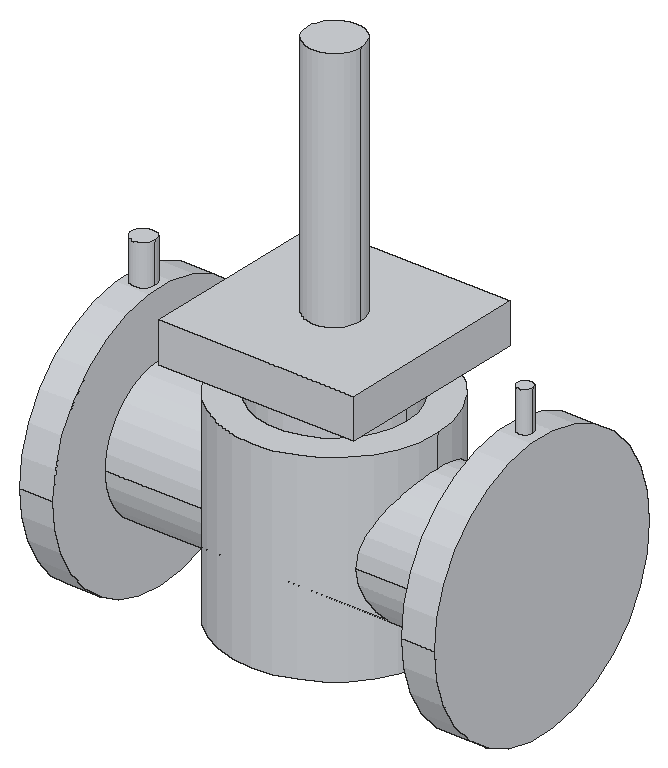
Revit family "OPTIMA_Compact_FLANGE_PN25_DN080-HF_RFA_2018", category Pipe Accessories, Revit 2018
Family settings
  Round Connector Dimension = Use Diameter
  Part Type = Valve - Breaks Into
  Work Plane-Based = No
  Always vertical = Yes
  Cut with Voids When Loaded = No
  Shared = No
Parameters (values of type "Optima Compact Flange PN25 DN080 HF")
  magiProductId = "Frese Optima Flange DN080 HF"
  magiProductFamilyId = "Frese Optima Flange *"
  magiPartTypeId = 304
  isMeasuringValve [instance] = no
  ang2D [instance] = 0.00°
  W2D = 50 mm
  VersionID = "2.0/2018.8.28.1/FRESE_OPTIMA_FLANGE_Q13_002"
  Use Minimum Symbol Size [instance] = yes
  URL = "www.hydronic.cz"
  Type Comments = "Přírubový; PN25; 0~120°C, s měřením"
  R4 = 54.25 mm
  R3 = 52 mm
  R1 = 77.5 mm
  QmdConnectorList = "301;D;302;D"
  Productdata [instance] = ""
  Manufacturer = "Hydronic Systems Prague s.r.o."
  MC Product Code = "53-1232 (DN80 HF; 20mm; pohon min 1000N; Qmin-dpmin 7000l/h-23.0kPa; Qmax-dpmin 43000l/h-50.0kPa; dpmax 800kPa)"
  MC Piping Given Pressure Drop [instance] = 0.0 Pa
  LF__ve = -LF  # -24.8 mm
  LF2 = 12.4 mm
  LF = 24.8 mm
  L4 = 145.7 mm
  L3 = 260.4 mm
  L2D_Min = 3048 mm
  L2D = 230 mm
  L2 = 155 mm
  H6 = 183 mm
  H4 = 30 mm
  H3 = 25 mm
  H2 = 75 mm
  H1 = 150 mm
  Description = "Tlakově nezávislý 2-cestný regulační vyvažovací ventil (PICV)"
  DF2 = 100 mm
  D = 80 mm
  CAT0 = yes
Types (14, lengths in mm): name | magiProductId | magiProductFamilyId | W2D | Type Comments | R4 | R3 | R1 | MC Product Code | LF__ve | LF2 | LF | L4 | L3 | L2D | L2 | H6 | H4 | H3 | H2 | H1 | DF2 | D
  Optima Compact Flange PN25 DN050 LF | "Frese Optima Flange DN050 LF" | "Frese Optima Flange *" | 50 | "Přírubový; PN25; 0~120°C, s měřením" | 40.3 | 42.9 | 57.5 | "53-1220 (DN50 LF; 20mm; pohon min 1000N; Qmin-dpmin 2500l/h-6.5kPa; Qmax-dpmin 15000l/h-20.0kPa; dpmax 800kPa)" | -18.4 | 9.2 | 18.4 | 108.1 | 193.2 | 230 | 115 | 157.3 | 24.8 | 20.6 | 61.9 | 123.8 | 82.5 | 50
  Optima Compact Flange PN25 DN050 HF | "Frese Optima Flange DN050 HF" | "Frese Optima Flange *" | 50 | "Přírubový; PN25; 0~120°C, s měřením" | 40.25 | 42.9 | 57.5 | "53-1230 (DN50 HF; 20mm; pohon min 1000N; Qmin-dpmin 3900l/h-19.0kPa; Qmax-dpmin 24000l/h-50.0kPa; dpmax 800kPa)" | -18.4 | 9.2 | 18.4 | 108.1 | 193.2 | 230 | 115 | 157.25 | 24.75 | 20.625 | 61.875 | 123.75 | 82.5 | 50
  Optima Compact Flange PN25 DN065 LF | "Frese Optima Flange DN065 LF" | "Frese Optima Flange *" | 50 | "Přírubový; PN25; 0~120°C, s měřením" | 50.75 | 48.1 | 72.5 | "53-1221 (DN65 LF; 20mm; pohon min 1000N; Qmin-dpmin 4400l/h-15.0kPa; Qmax-dpmin 25000l/h-25.0kPa; dpmax 800kPa)" | -23.2 | 11.6 | 23.2 | 136.3 | 243.6 | 230 | 145 | 171.25 | 27.75 | 23.125 | 69.375 | 138.75 | 92.5 | 65
  Optima Compact Flange PN25 DN065 HF | "Frese Optima Flange DN065 HF" | "Frese Optima Flange *" | 50 | "Přírubový; PN25; 0~120°C, s měřením" | 50.75 | 48.1 | 72.5 | "53-1231 (DN65 HF; 20mm; pohon min 1000N; Qmin-dpmin 6000l/h-30.0kPa; Qmax-dpmin 35000l/h-55.0kPa; dpmax 800kPa)" | -23.2 | 11.6 | 23.2 | 136.3 | 243.6 | 230 | 145 | 171.25 | 27.75 | 23.125 | 69.375 | 138.75 | 92.5 | 65
  Optima Compact Flange PN25 DN080 LF | "Frese Optima Flange DN080 LF" | "Frese Optima Flange *" | 50 | "Přírubový; PN25; 0~120°C, s měřením" | 54.25 | 52 | 77.5 | "53-1222 (DN80 LF; 20mm; pohon min 1000N; Qmin-dpmin 5300l/h-16.0kPa; Qmax-dpmin 34000l/h-25.0kPa; dpmax 800kPa)" | -24.8 | 12.4 | 24.8 | 145.7 | 260.4 | 230 | 155 | 183 | 30 | 25 | 75 | 150 | 100 | 80
  Optima Compact Flange PN25 DN080 HF | "Frese Optima Flange DN080 HF" | "Frese Optima Flange *" | 50 | "Přírubový; PN25; 0~120°C, s měřením" | 54.25 | 52 | 77.5 | "53-1232 (DN80 HF; 20mm; pohon min 1000N; Qmin-dpmin 7000l/h-23.0kPa; Qmax-dpmin 43000l/h-50.0kPa; dpmax 800kPa)" | -24.8 | 12.4 | 24.8 | 145.7 | 260.4 | 230 | 155 | 183 | 30 | 25 | 75 | 150 | 100 | 80
  Optima Compact Flange PN25 DN100 LF | "Frese Optima Flange DN100 LF" | "Frese Optima Flange *" | 50 | "Přírubový; PN25; 0~120°C, s měřením" | 61.25 | 61.1 | 87.5 | "53-1223 (DN100 LF; 40mm; pohon min 1000N; Qmin-dpmin 12100l/h-20.0kPa; Qmax-dpmin 68000l/h-35.0kPa; dpmax 800kPa)" | -28 | 14 | 28 | 164.5 | 294 | 230 | 175 | 268.75 | 35.25 | 29.375 | 88.125 | 176.25 | 117.5 | 100
  Optima Compact Flange PN25 DN100 HF | "Frese Optima Flange DN100 HF" | "Frese Optima Flange *" | 50 | "Přírubový; PN25; 0~120°C, s měřením" | 61.25 | 61.1 | 87.5 | "53-1233 (DN100 HF; 40mm; pohon min 1000N; Qmin-dpmin 14800l/h-30.0kPa; Qmax-dpmin 90000l/h-75.0kPa; dpmax 800kPa)" | -28 | 14 | 28 | 164.5 | 294 | 230 | 175 | 268.75 | 35.25 | 29.375 | 88.125 | 176.25 | 117.5 | 100
  Optima Compact Flange PN25 DN125 LF | "Frese Optima Flange DN125 LF" | "Frese Optima Flange *" | 50 | "Přírubový; PN25; 0~120°C, s měřením" | 70 | 70.2 | 100 | "53-1224 (DN125 LF; 40mm; pohon min 1000N; Qmin-dpmin 18500l/h-16.0kPa; Qmax-dpmin 110000l/h-35.0kPa; dpmax 800kPa)" | -32 | 16 | 32 | 188 | 336 | 230 | 200 | 275.5 | 40.5 | 33.75 | 101.25 | 202.5 | 135 | 125
  Optima Compact Flange PN25 DN125 HF | "Frese Optima Flange DN125 HF" | "Frese Optima Flange *" | 50 | "Přírubový; PN25; 0~120°C, s měřením" | 70 | 70.2 | 100 | "53-1234 (DN125 HF; 40mm; pohon min 1000N; Qmin-dpmin 23000l/h-27.0kPa; Qmax-dpmin 135000l/h-53.0kPa; dpmax 800kPa)" | -32 | 16 | 32 | 188 | 336 | 230 | 200 | 275.5 | 40.5 | 33.75 | 101.25 | 202.5 | 135 | 125
  Optima Compact Flange PN25 DN150 LF | "Frese Optima Flange DN150 LF" | "Frese Optima Flange *" | 50 | "Přírubový; PN25; 0~110°C, s měřením" | 84 | 74.1 | 120 | "53-1225 (DN150 LF; 43mm; pohon min 1500N; Qmin-dpmin 25600l/h-21.0kPa; Qmax-dpmin 148000l/h-35.0kPa; dpmax 800kPa)" | -38.4 | 19.2 | 38.4 | 225.6 | 403.2 | 230 | 240 | 279.25 | 42.75 | 35.625 | 106.875 | 213.75 | 142.5 | 150
  Optima Compact Flange PN25 DN150 HF | "Frese Optima Flange DN150 HF" | "Frese Optima Flange *" | 50 | "Přírubový; PN25; 0~110°C, s měřením" | 84 | 74.1 | 120 | "53-1235 (DN150 HF; 43mm; pohon min 1500N; Qmin-dpmin 32000l/h-33.0kPa; Qmax-dpmin 195000l/h-65.0kPa; dpmax 800kPa)" | -38.4 | 19.2 | 38.4 | 225.6 | 403.2 | 230 | 240 | 279.25 | 42.75 | 35.625 | 106.875 | 213.75 | 142.5 | 150
  Optima Compact Flange PN25 DN200 LF | "" | "" | 100 | "Přírubový; PN25; 0~110°C, s měřením" | 164.5 | 98.8 | 235 | "53-1226 (DN200 LF; 43mm; pohon min 1500N; Qmin-dpmin 95000l/h-11.0kPa; Qmax-dpmin 210000l/h-32.0kPa; dpmax 800kPa)" | -48 | 24 | 48 | 282 | 504 | 350 | 300 | 281 | 57 | 15 | 209 | 380 | 190 | 200
  Optima Compact Flange PN25 DN200 HF | "" | "" | 100 | "Přírubový; PN25; 0~110°C, s měřením" | 164.5 | 98.8 | 235 | "53-1236 (DN200 HF; 43mm; pohon min 1500N; Qmin-dpmin 130000l/h-31.0kPa; Qmax-dpmin 280000l/h-78.0kPa; dpmax 800kPa)" | -48 | 24 | 48 | 282 | 504 | 350 | 300 | 281 | 57 | 15 | 209 | 380 | 190 | 200
Reference planes
  plane 1 "Center (Front/Back)": y = 0
  plane 2 "XYPLANE": z = 0
  plane 3 "Center (Left/Right)": x = 0
  plane 4 "157": x = 142.6
  plane 5 "156": x = -142.6
  plane 6 "155": z = 100
  plane 7 "154": z = 130
  plane 8 "153": z = 100
  plane 9 "152": z = 75
  plane 10 "151": x = -130.2
  plane 11 "150": z = -75
  plane 12 "149": x = 0
  plane 13 "148": y = 0
  plane 14 "147": z = 0
  plane 15 "146": x = -155
  plane 16 "145": x = 155
Forms (mm)
  Extrusion 1, solid, visible <- "CAT0"
    sketch origin (-750, 0, 100) x (1, 0, 0) y (0, 1, 0)
      loop
        circle (892.6, 0) r 5.5
    from 0 to 30
  Extrusion 2, solid, visible <- "CAT0"
    sketch origin (-750, 0, 100) x (1, 0, 0) y (0, 1, 0)
      loop
        circle (607.4, 0) r 8.7
    from 0 to 30
  Extrusion 3, solid, visible <- "CAT0"
    sketch origin (-750, 0, 130) x (1, 0, 0) y (0, 1, 0)
      loop
        circle (750, 0) r 20
    from 0 to 183 <- "H6"
  Extrusion 4, solid, visible <- "CAT0"
    sketch origin (-750, 0, 100) x (1, 0, 0) y (0, 1, 0)
      loop
        line (822.85, 72.85) -> (677.15, 72.85) -> (677.15, -72.85) -> (822.85, -72.85) -> (822.85, 72.85)
    from 0 to 30 <- "H4"
  Extrusion 5, solid, visible <- "CAT0"
    sketch origin (-750, 0, 75) x (1, 0, 0) y (0, 1, 0)
      loop
        circle (750, 0) r 54.25
    from 0 to 25 <- "H3"
  Extrusion 6, solid, visible <- "CAT0"
    sketch origin (-130.2, -750, 0) x (0, 1, 0) y (0, 0, 1)
      loop
        circle (750, 0) r 52
    from 0 to 260.4 <- "L3"
  Extrusion 7, solid, visible <- "CAT0"
    sketch origin (-750, 0, -75) x (1, 0, 0) y (0, 1, 0)
      loop
        circle (750, 0) r 77.5
    from 0 to 150 <- "H1"
  Extrusion 8, solid, visible <- "CAT0"
    sketch origin (-155, -750, 0) x (0, 1, 0) y (0, 0, 1)
      loop
        circle (750, 0) r 100
    from 0 to 24.8 <- "LF"
  Extrusion 9, solid, visible <- "CAT0"
    sketch origin (155, -750, 0) x (0, 1, 0) y (0, 0, 1)
      loop
        circle (750, 0) r 100
    from 0 to -24.8 <- "LF__ve"
  Extrusion 10, solid, not visible
    sketch origin (-155, -750, 0) x (0, 1, 0) y (0, 0, 1)
      loop
        circle (750, 0) r 10
    from 0 to 10
  Extrusion 11, solid, not visible
    sketch origin (155, -750, 0) x (0, 1, 0) y (0, 0, 1)
      loop
        circle (750, 0) r 10
    from 0 to -10
Lines and regions (mm)
  reference lines, not visible
    curve 1: circle (2, 2, 0) r 1 normal (0, 0, 1)
  reference lines
    curve 2: circle (0, 0, 100) r 1 normal (0, 0, 1)
Dimensions and locks
  plane 1 "Center (Front/Back)" to curve 1 = 2 mm
  "LF2": plane 16 "145" to plane 4 "157"
  "LF2": plane 15 "146" to plane 5 "156"
  "DF2": plane 2 "XYPLANE" to plane 6 "155"
  "H4": plane 8 "153" to plane 7 "154"
  "H3": plane 9 "152" to plane 8 "153"
  "H1": plane 11 "150" to plane 9 "152"
  "LF": plane 15 "146" to plane 10 "151"
  "H2": plane 2 "XYPLANE" to plane 11 "150"
  locked: plane 3 "Center (Left/Right)" to plane 12 "149"
  locked: plane 1 "Center (Front/Back)" to plane 13 "148"
  locked: plane 2 "XYPLANE" to plane 14 "147"
  "L2": plane 3 "Center (Left/Right)" to plane 15 "146"
  "L2": plane 3 "Center (Left/Right)" to plane 16 "145"
  equal spacing: Extrusion 4 sketch curve, curve 2, Extrusion 4 sketch curve  (x2)
  "L4": Extrusion 4 sketch curve to Extrusion 4 sketch curve  (x2)
  Extrusion 4 sketch curve to Extrusion 4 sketch curve = 0 mm  (x8)
  "R4": radius of Extrusion 5 sketch curve
  "R3": radius of Extrusion 6 sketch curve
  "R1": radius of Extrusion 7 sketch curve
  "DF2": radius of Extrusion 8 sketch curve
  "DF2": radius of Extrusion 9 sketch curve
  aligned and locked: level to plane 2 "XYPLANE"
  aligned and locked: plane 4 "157" to Extrusion 1 sketch curve
  aligned and locked: plane 13 "148" to Extrusion 1 sketch curve
  aligned and locked: plane 5 "156" to Extrusion 2 sketch curve
  aligned and locked: plane 13 "148" to Extrusion 2 sketch curve
  aligned and locked: plane 12 "149" to Extrusion 3 sketch curve
  aligned and locked: plane 13 "148" to Extrusion 3 sketch curve
  aligned and locked: plane 12 "149" to curve 2
  aligned and locked: plane 13 "148" to curve 2
  aligned and locked: plane 12 "149" to Extrusion 5 sketch curve
  aligned and locked: plane 13 "148" to Extrusion 5 sketch curve
  aligned and locked: Extrusion 6 sketch curve to plane 13 "148"
  aligned and locked: plane 14 "147" to Extrusion 6 sketch curve
  aligned and locked: plane 12 "149" to Extrusion 7 sketch curve
  aligned and locked: plane 13 "148" to Extrusion 7 sketch curve
  aligned and locked: Extrusion 8 sketch curve to plane 13 "148"
  aligned and locked: plane 14 "147" to Extrusion 8 sketch curve
  aligned and locked: Extrusion 9 sketch curve to plane 13 "148"
  aligned and locked: plane 14 "147" to Extrusion 9 sketch curve
  aligned and locked: Extrusion 10 sketch curve to plane 13 "148"
  aligned and locked: plane 14 "147" to Extrusion 10 sketch curve
  aligned and locked: Extrusion 11 sketch curve to plane 13 "148"
  aligned and locked: plane 14 "147" to Extrusion 11 sketch curve
Automatic sketch dimensions
  Extrusion 1 sketch curve to plane 4 "157" = 5.5 mm
  plane 15 "146" to Extrusion 2 sketch curve = 3.7 mm
  Extrusion 3 sketch curve to plane 3 "Center (Left/Right)" = 20 mm
  plane 1 "Center (Front/Back)" to Extrusion 10 sketch curve = 10 mm
  plane 1 "Center (Front/Back)" to Extrusion 11 sketch curve = 10 mm
  plane 3 "Center (Left/Right)" to curve 1 = 2 mm
  plane 10 "151" to Extrusion 4 sketch curve = 57.35 mm
  plane 1 "Center (Front/Back)" to Extrusion 4 sketch curve = 72.85 mm
  radius of curve 2 = 1 mm
  radius of curve 1 = 1 mm
Connectors
  piping at (-155, 0, 0), diameter 80, driven by "D"
    settings: on Extrusion 10, index 1, connector inside diameter 609.6 mm, connector length 0 mm, flow factor 0, pipe flow 0.0 L/s, pressure drop 0.0 Pa, fitting loss kfactor 0, connector angle 0.00°, fixture units 0, engagement length 0 mm, angle of deflection 0.00°, flow configuration 0, flow direction 0, fitting loss method 0, system type 29, joint type 0, gender type 0, connector reference index 2, connector utility 0, adjustable connector no, is connector primary yes, connector description ""
  piping at (155, 0, 0), diameter 80, driven by "D"
    settings: on Extrusion 11, index 2, connector inside diameter 609.6 mm, connector length 0 mm, flow factor 0, pipe flow 0.0 L/s, pressure drop 0.0 Pa, fitting loss kfactor 0, connector angle 0.00°, fixture units 0, engagement length 0 mm, angle of deflection 0.00°, flow configuration 0, flow direction 0, fitting loss method 0, system type 29, joint type 0, gender type 0, connector reference index 1, connector utility 0, adjustable connector no, is connector primary no, connector description ""
